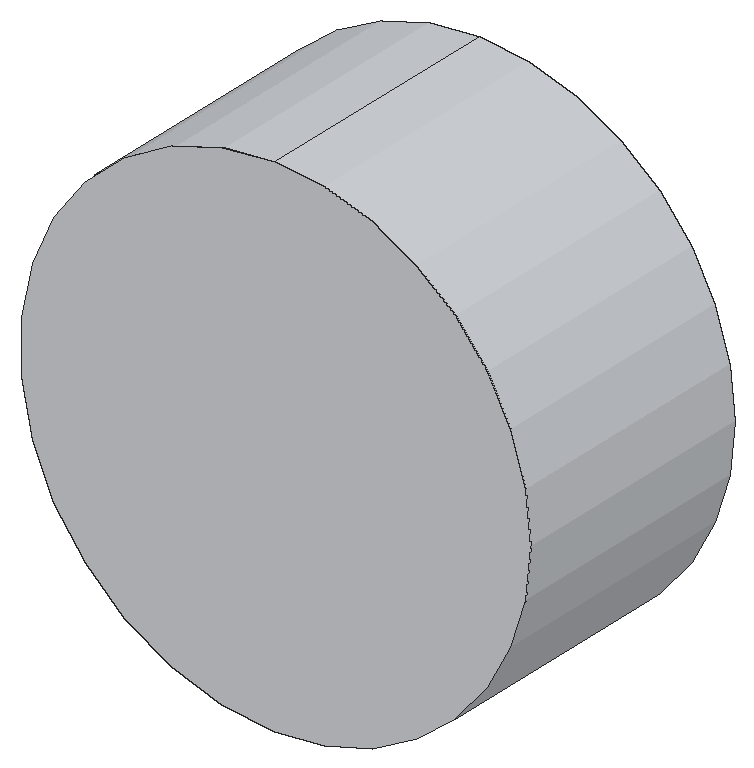
Revit family "MULBM6110", category Generic Models, Revit 2018
Family settings
  Can host rebar = No
  Round Connector Dimension = Use Diameter
  Part Type = Normal
  OmniClass Number = 23.60.30.14
  OmniClass Title = Ducting and Wireways for General Use
  Work Plane-Based = No
  Always vertical = Yes
  Cut with Voids When Loaded = No
  Shared = No
  Room Calculation Point = No
Parameters (values of type "Standard")
  URL = "https://www.bundelen.nl/productPage.php?id=MULCM6110"
  Part Number = "MULKM6110"
  Model = "MULCM6110"
  Manufacturer = "PowerCast"
  Designer = "eugeneraaijmakers"
  Design Status = 1
  Description = "Multiduct Coupler male"
  Date Created = "15-3-2025 09:40:42"
  Author = "eugeneraaijmakers"
Reference planes
  plane 1 "Center (Front/Back)": y = 0
  plane 2: z = 0
  plane 3 "Center (Left/Right)": x = 0
Forms (mm)
  Extrusion 1, solid
    sketch origin (0, 80.212, 0) x (0, 0, -1) y (1, 0, 0)
      loop
        circle (0, 0) r 3.048
    from 0 to -3.048
Dimensions and locks
  aligned and locked: level to plane 2
Connectors
  hvac at (0, 80.212, 0)
    settings: on Extrusion 1, index 1, duct flow 0.0 L/s, flow factor 0, pres drop 0.0 Pa, loss coef 0, conn angle 0.00°, conn width 304.8 mm, conn height 304.8 mm, conn diameter 609.6 mm, duct sys type 4, conn prof type 1, flow config 1, flow direction 1, loss method 0, conn ref index -1, conn util no, is conn primary yes, conn desc ""
